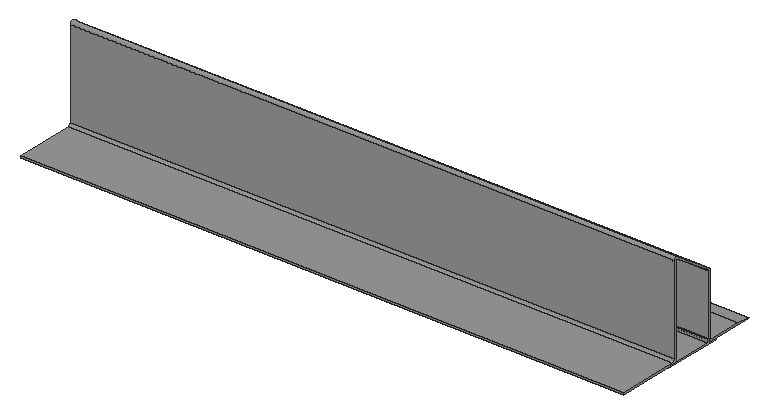
Revit family "SK 90 WIL", category Generic Models, Revit 2014
Parameters (values of type "Max lintel length 4200mm")
  URL = "http://www.keystonelintels.co.uk"
  Structural Opening [instance] = 900 mm
  Structural Performance = "The Keystone lintel range has safe working loads as detailed in each applicable loading table in the Keystone Lintel Guide brochure. The structural performance figures within each table have been ascertained by testing in accordance with the requirements of standards BS EN 5977-2: 1983 and BS EN 845-2: 2003."
  RIBA Productor Selector = "available for Keystone Lintels Ltd from Keystone Lintels Ltd from ribaproductselector.com"
  Model = "SK/90 WIL"
  Min Length = 600 mm
  Min Clear Span = 300 mm
  Max Length = 4200 mm
  Max Clear Span = 4200 mm
  Material - Stainless Steel = "Grade 304 2b 1.4307 to BS EN 10088-2. Other grades available on request: contact manufacturer."
  Material - Galvanised Steel = "To BS EN 10346: 2009. DX51D plus Z600 or grade Z275 to BS 5977-2: 1983 (BS EN 845-2: 2003)."
  Manufacturer = "Keystone"
  Manufactured Length [instance] = (roundup(Effective Length / 150 mm) * 150 mm)  # 1200 mm
  Lintel height [instance] = 2100 mm
  Keynote = "F30/755"
  Fire Performance = "Keystone lintels have been subjected to a fire test (WARRES No. 101263) in accordance with BS 476-20: 1987, at Exova Warrington Fire and achieved a one hour fire performance."
  End Bearing = 150 mm
  Effective Length [instance] = Clear Opening with MIN MAX set + End Bearing * 2  # 1200 mm
  Corrosion = "Keystone’s standard range of lintels are manufactured from high quality grade pre-galvanized carbon steel with a zinc coating of 600"
  Contact Tel = "+44 (0)28 8676 2184"
  Contact Email = "info@keystonelintels.co.uk"
  Clear Opening with MIN MAX set [instance] = if(Structural Opening < Min Clear Span, Min Clear Span, (if(Structural Opening > Max Clear Span, Max Clear Span, Structural Opening)))  # 900 mm
  CPD Information = "Available for Keystone Lintels Ltd from ribacpd.com"
Reference planes
  plane 1 "Center (Front/Back)": y = 0
  plane 2: z = 0
  plane 3 "Center (Left/Right)": x = 0
  plane 4: x = -600
  plane 5: x = 600
  plane 6: z = 2100
  plane 7: x = -450
  plane 8: x = 450
Forms (mm)
  Extrusion 1, solid, material "Steel"
    sketch origin (0, 700.842, -516.76) x (0, 1, 0) y (0, 0, 1)
      loop
        line (-587.989, 2619.96) -> (-652.989, 2619.96)
        arc (-652.989, 2619.96) -> (-656.524, 2621.424) -> (-657.989, 2624.96) r 5
        line (-657.989, 2624.96) -> (-657.989, 2745.235)
        arc (-657.989, 2745.235) -> (-658.577, 2747.637) -> (-660.208, 2749.496) r 5.2
        line (-660.208, 2749.496) -> (-737.808, 2803.783)
        arc (-737.808, 2803.783) -> (-743.191, 2804.134) -> (-745.989, 2799.522) r 5.2
        line (-745.989, 2799.522) -> (-745.989, 2624.96)
        arc (-745.989, 2624.96) -> (-747.453, 2621.424) -> (-750.989, 2619.96) r 5
        line (-750.989, 2619.96) -> (-870.989, 2619.96) -> (-870.989, 2616.76) -> (-750.989, 2616.76)
        arc (-750.989, 2616.76) -> (-745.191, 2619.161) -> (-742.789, 2624.96) r 8.2
        line (-742.789, 2624.96) -> (-742.789, 2799.522)
        arc (-742.789, 2799.522) -> (-741.713, 2801.296) -> (-739.642, 2801.161) r 2
        line (-739.642, 2801.161) -> (-662.042, 2746.874)
        arc (-662.042, 2746.874) -> (-661.415, 2746.159) -> (-661.189, 2745.235) r 2
        line (-661.189, 2745.235) -> (-661.189, 2624.96)
        arc (-661.189, 2624.96) -> (-658.787, 2619.161) -> (-652.989, 2616.76) r 8.2
        line (-652.989, 2616.76) -> (-588.046, 2616.76) -> (-563.078, 2615.871) -> (-562.983, 2619.07) -> (-587.989, 2619.96)
    from -600 to 600
  Extrusion 2, solid, material "Insulation"
    sketch origin (0, 700.842, -516.76) x (0, 1, 0) y (0, 0, 1)
      loop
        arc (-652.989, 2616.76) -> (-658.787, 2619.161) -> (-661.189, 2624.96) r 8.2
        line (-661.189, 2624.96) -> (-661.189, 2745.235)
        arc (-661.189, 2745.235) -> (-661.415, 2746.159) -> (-662.042, 2746.874) r 2
        line (-662.042, 2746.874) -> (-739.642, 2801.161)
        arc (-739.642, 2801.161) -> (-741.713, 2801.296) -> (-742.789, 2799.522) r 2
        line (-742.789, 2799.522) -> (-742.789, 2624.96)
        arc (-742.789, 2624.96) -> (-745.191, 2619.161) -> (-750.989, 2616.76) r 8.2
        line (-750.989, 2616.76) -> (-662.489, 2616.76) -> (-662.489, 2624.76) -> (-661.489, 2624.76) -> (-661.489, 2616.76) -> (-652.989, 2616.76)
    from -600 to 525
  Extrusion 3, solid, material "Steel"
    sketch origin (0, 700.842, -516.76) x (0, 1, 0) y (0, 0, 1)
      loop
        line (-644.489, 2616.76) -> (-661.489, 2616.76) -> (-661.489, 2624.76) -> (-662.489, 2624.76) -> (-662.489, 2616.76) -> (-759.489, 2616.76) -> (-759.489, 2615.76) -> (-644.489, 2615.76) -> (-644.489, 2616.76)
    from -600 to 600
  Extrusion 4, solid, not visible
    sketch origin (0, 958.766, 1162.253) x (0, 1, 0) y (0, 0, 1)
      loop
        line (-587.989, 1019.96) -> (-652.989, 1019.96)
        arc (-652.989, 1019.96) -> (-656.524, 1021.424) -> (-657.989, 1024.96) r 5
        line (-657.989, 1024.96) -> (-657.989, 1145.235)
        arc (-657.989, 1145.235) -> (-658.577, 1147.637) -> (-660.208, 1149.496) r 5.2
        line (-660.208, 1149.496) -> (-737.808, 1203.783)
        arc (-737.808, 1203.783) -> (-743.191, 1204.134) -> (-745.989, 1199.522) r 5.2
        line (-745.989, 1199.522) -> (-745.989, 1024.96)
        arc (-745.989, 1024.96) -> (-747.453, 1021.424) -> (-750.989, 1019.96) r 5
        line (-750.989, 1019.96) -> (-870.989, 1019.96) -> (-870.989, 1016.76) -> (-750.989, 1016.76)
        arc (-750.989, 1016.76) -> (-745.191, 1019.161) -> (-742.789, 1024.96) r 8.2
        line (-742.789, 1024.96) -> (-742.789, 1199.522)
        arc (-742.789, 1199.522) -> (-741.713, 1201.296) -> (-739.642, 1201.161) r 2
        line (-739.642, 1201.161) -> (-662.042, 1146.874)
        arc (-662.042, 1146.874) -> (-661.415, 1146.159) -> (-661.189, 1145.235) r 2
        line (-661.189, 1145.235) -> (-661.189, 1024.96)
        arc (-661.189, 1024.96) -> (-658.787, 1019.161) -> (-652.989, 1016.76) r 8.2
        line (-652.989, 1016.76) -> (-588.046, 1016.76) -> (-563.078, 1015.871) -> (-562.983, 1019.07) -> (-587.989, 1019.96)
    from 0 to 250
  Extrusion 5, solid, not visible
    sketch origin (0, 529.692, 1190.94) x (0, 1, 0) y (0, 0, 1)
      loop
        arc (-652.989, 1016.76) -> (-658.787, 1019.161) -> (-661.189, 1024.96) r 8.2
        line (-661.189, 1024.96) -> (-661.189, 1145.235)
        arc (-661.189, 1145.235) -> (-661.415, 1146.159) -> (-662.042, 1146.874) r 2
        line (-662.042, 1146.874) -> (-739.642, 1201.161)
        arc (-739.642, 1201.161) -> (-741.713, 1201.296) -> (-742.789, 1199.522) r 2
        line (-742.789, 1199.522) -> (-742.789, 1024.96)
        arc (-742.789, 1024.96) -> (-745.191, 1019.161) -> (-750.989, 1016.76) r 8.2
        line (-750.989, 1016.76) -> (-662.489, 1016.76) -> (-662.489, 1024.76) -> (-661.489, 1024.76) -> (-661.489, 1016.76) -> (-652.989, 1016.76)
    from 0 to 250
  Extrusion 6, solid, not visible
    sketch origin (0, 862.839, 980.722) x (0, 1, 0) y (0, 0, 1)
      loop
        line (-644.489, 1016.76) -> (-661.489, 1016.76) -> (-661.489, 1024.76) -> (-662.489, 1024.76) -> (-662.489, 1016.76) -> (-759.489, 1016.76) -> (-759.489, 1015.76) -> (-644.489, 1015.76) -> (-644.489, 1016.76)
    from 0 to 250
Dimensions and locks
  equal spacing: plane 4, plane 3 "Center (Left/Right)", plane 5
  "Manufactured Length": plane 4 to plane 5
  "Lintel height": plane 6 to level
  "Structural Opening": plane 7 to plane 8
  equal spacing: plane 7, plane 3 "Center (Left/Right)", plane 8
  aligned and locked: level to plane 2
  aligned and locked: Extrusion 1 to plane 6
  aligned and locked: Extrusion 2 to plane 6
  aligned and locked: plane 6 to Extrusion 3
  aligned and locked: plane 5 to Extrusion 1
  aligned and locked: Extrusion 1 to plane 4
  aligned and locked: Extrusion 3 to plane 4
  aligned and locked: plane 5 to Extrusion 3
  aligned and locked: Extrusion 2 to plane 4
Automatic sketch dimensions
  Extrusion 1 sketch curve to Extrusion 1 sketch curve = 0.095 mm
  Extrusion 1 sketch curve to Extrusion 1 sketch curve = 25.005 mm
  Extrusion 1 sketch curve to Extrusion 1 sketch curve = 3.199 mm
  Extrusion 1 sketch curve to Extrusion 1 sketch curve = 0.89 mm
  Extrusion 1 sketch curve to Extrusion 1 sketch curve = 0.057 mm
  Extrusion 1 sketch curve to Extrusion 1 sketch curve = 3.2 mm
  Extrusion 1 sketch curve to Extrusion 1 sketch curve = 64.943 mm
  Extrusion 1 sketch curve to Extrusion 1 sketch curve = 5 mm  (x2)
  Extrusion 1 sketch curve to Extrusion 1 sketch curve = 120.276 mm
  Extrusion 1 sketch curve to Extrusion 1 sketch curve = 2 mm
  Extrusion 1 sketch curve to Extrusion 1 sketch curve = 0.854 mm
  Extrusion 1 sketch curve to Extrusion 1 sketch curve = 1.834 mm  (x2)
  Extrusion 1 sketch curve to Extrusion 1 sketch curve = 77.6 mm
  Extrusion 1 sketch curve to Extrusion 1 sketch curve = 54.287 mm
  Extrusion 1 sketch curve to Extrusion 1 sketch curve = 2.622 mm
  Extrusion 1 sketch curve to Extrusion 1 sketch curve = 1.146 mm
  Extrusion 1 sketch curve to Extrusion 1 sketch curve = 1.639 mm
  Extrusion 1 sketch curve to Extrusion 1 sketch curve = 0 mm  (x17)
  Extrusion 1 sketch curve to Extrusion 1 sketch curve = 120 mm
  Extrusion 2 sketch curve to Extrusion 2 sketch curve = 8.2 mm  (x2)
  Extrusion 2 sketch curve to Extrusion 2 sketch curve = 2 mm
  Extrusion 2 sketch curve to Extrusion 2 sketch curve = 1.146 mm  (x2)
  Extrusion 2 sketch curve to Extrusion 2 sketch curve = 77.6 mm
  Extrusion 2 sketch curve to Extrusion 2 sketch curve = 80.3 mm
  Extrusion 2 sketch curve to Extrusion 2 sketch curve = 1 mm
  Extrusion 2 sketch curve to Extrusion 2 sketch curve = 0.854 mm
  Extrusion 2 sketch curve to Extrusion 2 sketch curve = 0 mm  (x2)
  Extrusion 2 sketch curve to Extrusion 2 sketch curve = 0.2 mm
  Extrusion 2 sketch curve to Extrusion 2 sketch curve = 120.276 mm
  Extrusion 2 sketch curve to Extrusion 2 sketch curve = 54.287 mm
  Extrusion 3 sketch curve to Extrusion 3 sketch curve = 17 mm
  Extrusion 3 sketch curve to Extrusion 3 sketch curve = 8 mm
  Extrusion 3 sketch curve to Extrusion 3 sketch curve = 1 mm  (x2)
  Extrusion 3 sketch curve to Extrusion 3 sketch curve = 0 mm
  Extrusion 3 sketch curve to Extrusion 3 sketch curve = 97 mm
  Extrusion 4 sketch curve to Extrusion 4 sketch curve = 0.095 mm
  Extrusion 4 sketch curve to Extrusion 4 sketch curve = 25.005 mm
  Extrusion 4 sketch curve to Extrusion 4 sketch curve = 3.199 mm
  Extrusion 4 sketch curve to Extrusion 4 sketch curve = 0.89 mm
  Extrusion 4 sketch curve to Extrusion 4 sketch curve = 0.057 mm
  Extrusion 4 sketch curve to Extrusion 4 sketch curve = 3.2 mm
  Extrusion 4 sketch curve to Extrusion 4 sketch curve = 64.943 mm
  Extrusion 4 sketch curve to Extrusion 4 sketch curve = 5 mm  (x2)
  Extrusion 4 sketch curve to Extrusion 4 sketch curve = 120.276 mm
  Extrusion 4 sketch curve to Extrusion 4 sketch curve = 2 mm
  Extrusion 4 sketch curve to Extrusion 4 sketch curve = 0.854 mm
  Extrusion 4 sketch curve to Extrusion 4 sketch curve = 0 mm  (x17)
  Extrusion 4 sketch curve to Extrusion 4 sketch curve = 1.834 mm  (x2)
  Extrusion 4 sketch curve to Extrusion 4 sketch curve = 77.6 mm
  Extrusion 4 sketch curve to Extrusion 4 sketch curve = 54.287 mm
  Extrusion 4 sketch curve to Extrusion 4 sketch curve = 2.622 mm
  Extrusion 4 sketch curve to Extrusion 4 sketch curve = 1.146 mm
  Extrusion 4 sketch curve to Extrusion 4 sketch curve = 1.639 mm
  Extrusion 4 sketch curve to Extrusion 4 sketch curve = 120 mm
  Extrusion 5 sketch curve to Extrusion 5 sketch curve = 8.2 mm  (x2)
  Extrusion 5 sketch curve to Extrusion 5 sketch curve = 2 mm
  Extrusion 5 sketch curve to Extrusion 5 sketch curve = 1.146 mm  (x2)
  Extrusion 5 sketch curve to Extrusion 5 sketch curve = 77.6 mm
  Extrusion 5 sketch curve to Extrusion 5 sketch curve = 80.3 mm
  Extrusion 5 sketch curve to Extrusion 5 sketch curve = 1 mm
  Extrusion 5 sketch curve to Extrusion 5 sketch curve = 0.854 mm
  Extrusion 5 sketch curve to Extrusion 5 sketch curve = 0 mm  (x2)
  Extrusion 5 sketch curve to Extrusion 5 sketch curve = 0.2 mm
  Extrusion 5 sketch curve to Extrusion 5 sketch curve = 120.276 mm
  Extrusion 5 sketch curve to Extrusion 5 sketch curve = 54.287 mm
  Extrusion 6 sketch curve to Extrusion 6 sketch curve = 17 mm
  Extrusion 6 sketch curve to Extrusion 6 sketch curve = 8 mm
  Extrusion 6 sketch curve to Extrusion 6 sketch curve = 1 mm  (x2)
  Extrusion 6 sketch curve to Extrusion 6 sketch curve = 0 mm
  Extrusion 6 sketch curve to Extrusion 6 sketch curve = 97 mm
  Extrusion 1 sketch curve to plane 6 = 0 mm
  plane 1 "Center (Front/Back)" to Extrusion 1 sketch curve = 170.146 mm
  Extrusion 3 sketch curve to plane 6 = 0 mm
  plane 1 "Center (Front/Back)" to Extrusion 3 sketch curve = 58.646 mm
  Extrusion 2 sketch curve to plane 6 = 0 mm
  plane 1 "Center (Front/Back)" to Extrusion 2 sketch curve = 50.146 mm
